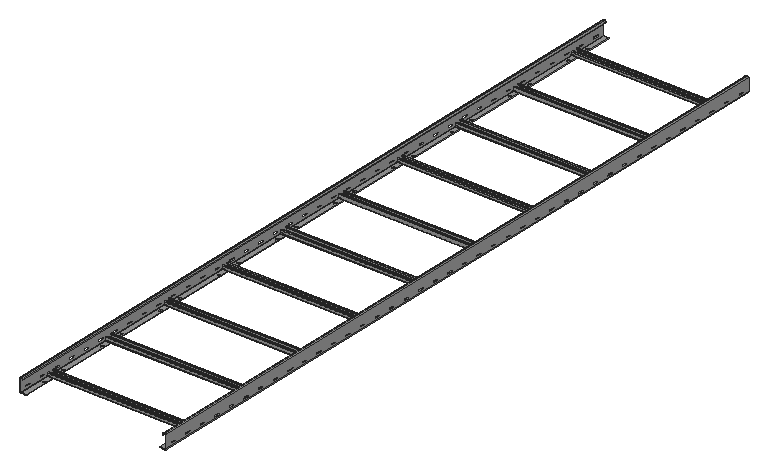
Revit family "LG 60 VS3", category Generic Models, Revit 2017 (continued)
Forms (mm)
  Extrusion 83, void
    sketch origin (0, 0, 0) x (1, 0, 0) y (0, 1, 0)
      loop
        circle (-282, 99.96) r 4.5
      loop
        circle (-282, 199.96) r 4.5
    from 0 to 1.5
  Extrusion 84, void
    sketch origin (0, 300, 0) x (1, 0, 0) y (0, 1, 0)
      loop
        circle (-282, 99.96) r 4.5
      loop
        circle (-282, 199.96) r 4.5
    from 0 to 1.5
  Extrusion 85, void
    sketch origin (0, 600, 0) x (1, 0, 0) y (0, 1, 0)
      loop
        circle (-282, 99.96) r 4.5
      loop
        circle (-282, 199.96) r 4.5
    from 0 to 1.5
  Extrusion 86, void
    sketch origin (0, 900, 0) x (1, 0, 0) y (0, 1, 0)
      loop
        circle (-282, 99.96) r 4.5
      loop
        circle (-282, 199.96) r 4.5
    from 0 to 1.5
  Extrusion 87, void
    sketch origin (0, 1200, 0) x (1, 0, 0) y (0, 1, 0)
      loop
        circle (-282, 99.96) r 4.5
      loop
        circle (-282, 199.96) r 4.5
    from 0 to 1.5
  Extrusion 88, void
    sketch origin (0, 1500, 0) x (1, 0, 0) y (0, 1, 0)
      loop
        circle (-282, 99.96) r 4.5
      loop
        circle (-282, 199.96) r 4.5
    from 0 to 1.5
  Extrusion 89, void
    sketch origin (0, 1800, 0) x (1, 0, 0) y (0, 1, 0)
      loop
        circle (-282, 99.96) r 4.5
      loop
        circle (-282, 199.96) r 4.5
    from 0 to 1.5
  Extrusion 90, void
    sketch origin (0, 2100, 0) x (1, 0, 0) y (0, 1, 0)
      loop
        circle (-282, 99.96) r 4.5
      loop
        circle (-282, 199.96) r 4.5
    from 0 to 1.5
  Extrusion 91, void
    sketch origin (0, 2400, 0) x (1, 0, 0) y (0, 1, 0)
      loop
        circle (-282, 99.96) r 4.5
      loop
        circle (-282, 199.96) r 4.5
    from 0 to 1.5
  Extrusion 92, void
    sketch origin (0, 2700, 0) x (1, 0, 0) y (0, 1, 0)
      loop
        circle (-282, 99.96) r 4.5
      loop
        circle (-282, 199.96) r 4.5
    from 0 to 1.5
  Extrusion 93, void
    sketch origin (0, 0, 0) x (1, 0, 0) y (0, 1, 0)
      loop
        circle (282, 99.96) r 4.5
      loop
        circle (282, 199.96) r 4.5
    from 0 to 1.5
  Extrusion 94, void
    sketch origin (0, 300, 0) x (1, 0, 0) y (0, 1, 0)
      loop
        circle (282, 99.96) r 4.5
      loop
        circle (282, 199.96) r 4.5
    from 0 to 1.5
  Extrusion 95, void
    sketch origin (0, 600, 0) x (1, 0, 0) y (0, 1, 0)
      loop
        circle (282, 99.96) r 4.5
      loop
        circle (282, 199.96) r 4.5
    from 0 to 1.5
  Extrusion 96, void
    sketch origin (0, 900, 0) x (1, 0, 0) y (0, 1, 0)
      loop
        circle (282, 99.96) r 4.5
      loop
        circle (282, 199.96) r 4.5
    from 0 to 1.5
  Extrusion 97, void
    sketch origin (0, 1200, 0) x (1, 0, 0) y (0, 1, 0)
      loop
        circle (282, 99.96) r 4.5
      loop
        circle (282, 199.96) r 4.5
    from 0 to 1.5
  Extrusion 98, void
    sketch origin (0, 1500, 0) x (1, 0, 0) y (0, 1, 0)
      loop
        circle (282, 99.96) r 4.5
      loop
        circle (282, 199.96) r 4.5
    from 0 to 1.5
  Extrusion 99, void
    sketch origin (0, 1800, 0) x (1, 0, 0) y (0, 1, 0)
      loop
        circle (282, 99.96) r 4.5
      loop
        circle (282, 199.96) r 4.5
    from 0 to 1.5
  Extrusion 100, void
    sketch origin (0, 2100, 0) x (1, 0, 0) y (0, 1, 0)
      loop
        circle (282, 99.96) r 4.5
      loop
        circle (282, 199.96) r 4.5
    from 0 to 1.5
  Extrusion 101, void
    sketch origin (0, 2400, 0) x (1, 0, 0) y (0, 1, 0)
      loop
        circle (282, 99.96) r 4.5
      loop
        circle (282, 199.96) r 4.5
    from 0 to 1.5
  Extrusion 102, void
    sketch origin (0, 2700, 0) x (1, 0, 0) y (0, 1, 0)
      loop
        circle (282, 99.96) r 4.5
      loop
        circle (282, 199.96) r 4.5
    from 0 to 1.5
  Extrusion 103, void
    sketch origin (0, 0, 0) x (1, 0, 0) y (0, 1, 0)
      loop
        arc (-6.5, 153.46) -> (-10, 149.96) -> (-6.5, 146.46) r 3.5
        line (-6.5, 146.46) -> (6.5, 146.46)
        arc (6.5, 146.46) -> (10, 149.96) -> (6.5, 153.46) r 3.5
        line (6.5, 153.46) -> (-6.5, 153.46)
      loop
        arc (43.5, 153.46) -> (40, 149.96) -> (43.5, 146.46) r 3.5
        line (43.5, 146.46) -> (56.5, 146.46)
        arc (56.5, 146.46) -> (60, 149.96) -> (56.5, 153.46) r 3.5
        line (56.5, 153.46) -> (43.5, 153.46)
      loop
        arc (93.5, 153.46) -> (90, 149.96) -> (93.5, 146.46) r 3.5
        line (93.5, 146.46) -> (106.5, 146.46)
        arc (106.5, 146.46) -> (110, 149.96) -> (106.5, 153.46) r 3.5
        line (106.5, 153.46) -> (93.5, 153.46)
      loop
        arc (143.496, 153.46) -> (139.996, 149.96) -> (143.496, 146.46) r 3.5
        line (143.496, 146.46) -> (156.496, 146.46)
        arc (156.496, 146.46) -> (159.996, 149.96) -> (156.496, 153.46) r 3.5
        line (156.496, 153.46) -> (143.496, 153.46)
      loop
        arc (193.5, 153.46) -> (190, 149.96) -> (193.5, 146.46) r 3.5
        line (193.5, 146.46) -> (206.5, 146.46)
        arc (206.5, 146.46) -> (210, 149.96) -> (206.5, 153.46) r 3.5
        line (206.5, 153.46) -> (193.5, 153.46)
      loop
        arc (243.5, 153.46) -> (240, 149.96) -> (243.5, 146.46) r 3.5
        line (243.5, 146.46) -> (256.5, 146.46)
        arc (256.5, 146.46) -> (260, 149.96) -> (256.5, 153.46) r 3.5
        line (256.5, 153.46) -> (243.5, 153.46)
      loop
        arc (-56.5, 153.46) -> (-60, 149.96) -> (-56.5, 146.46) r 3.5
        line (-56.5, 146.46) -> (-43.5, 146.46)
        arc (-43.5, 146.46) -> (-40, 149.96) -> (-43.5, 153.46) r 3.5
        line (-43.5, 153.46) -> (-56.5, 153.46)
      loop
        arc (-106.5, 153.46) -> (-110, 149.96) -> (-106.5, 146.46) r 3.5
        line (-106.5, 146.46) -> (-93.5, 146.46)
        arc (-93.5, 146.46) -> (-90, 149.96) -> (-93.5, 153.46) r 3.5
        line (-93.5, 153.46) -> (-106.5, 153.46)
      loop
        arc (-156.5, 153.46) -> (-160, 149.96) -> (-156.5, 146.46) r 3.5
        line (-156.5, 146.46) -> (-143.5, 146.46)
        arc (-143.5, 146.46) -> (-140, 149.96) -> (-143.5, 153.46) r 3.5
        line (-143.5, 153.46) -> (-156.5, 153.46)
      loop
        arc (-206.5, 153.46) -> (-210, 149.96) -> (-206.5, 146.46) r 3.5
        line (-206.5, 146.46) -> (-193.5, 146.46)
        arc (-193.5, 146.46) -> (-190, 149.96) -> (-193.5, 153.46) r 3.5
        line (-193.5, 153.46) -> (-206.5, 153.46)
      loop
        arc (-255.922, 153.46) -> (-259.422, 149.96) -> (-255.922, 146.46) r 3.5
        line (-255.922, 146.46) -> (-242.922, 146.46)
        arc (-242.922, 146.46) -> (-239.422, 149.96) -> (-242.922, 153.46) r 3.5
        line (-242.922, 153.46) -> (-255.922, 153.46)
    from 0 to 3.041
  Extrusion 104, solid, material "Strip-galvanised" <- "Material", not visible
    sketch origin (0, 0, 0) x (0, 1, 0) y (0, 0, 1)
      loop
        line (134.969, 15) -> (134.969, 3)
        arc (134.969, 3) -> (135.408, 1.939) -> (136.469, 1.5) r 1.5
        line (136.469, 1.5) -> (163.469, 1.5)
        arc (163.469, 1.5) -> (164.53, 1.939) -> (164.969, 3) r 1.5
        line (164.969, 3) -> (164.969, 15.065)
        arc (164.969, 15.065) -> (164.53, 16.126) -> (163.469, 16.565) r 1.5
        line (163.469, 16.565) -> (158.46, 16.565) -> (158.46, 15.065) -> (161.969, 15.065)
        arc (161.969, 15.065) -> (163.03, 14.626) -> (163.469, 13.565) r 1.5
        line (163.469, 13.565) -> (163.469, 4.5)
        arc (163.469, 4.5) -> (163.03, 3.439) -> (161.969, 3) r 1.5
        line (161.969, 3) -> (137.969, 3)
        arc (137.969, 3) -> (136.908, 3.439) -> (136.469, 4.5) r 1.5
        line (136.469, 4.5) -> (136.469, 13.5)
        arc (136.469, 13.5) -> (136.908, 14.561) -> (137.969, 15) r 1.5
        line (137.969, 15) -> (141.46, 15) -> (141.46, 16.5) -> (136.469, 16.5)
        arc (136.469, 16.5) -> (135.408, 16.061) -> (134.969, 15) r 1.5
    from -298.5 to 298.5
  Extrusion 105, solid, material "Strip-galvanised" <- "Material"
    sketch origin (0, 300, 0) x (0, 1, 0) y (0, 0, 1)
      loop
        line (134.969, 15) -> (134.969, 3)
        arc (134.969, 3) -> (135.408, 1.939) -> (136.469, 1.5) r 1.5
        line (136.469, 1.5) -> (163.469, 1.5)
        arc (163.469, 1.5) -> (164.53, 1.939) -> (164.969, 3) r 1.5
        line (164.969, 3) -> (164.969, 15.065)
        arc (164.969, 15.065) -> (164.53, 16.126) -> (163.469, 16.565) r 1.5
        line (163.469, 16.565) -> (158.46, 16.565) -> (158.46, 15.065) -> (161.969, 15.065)
        arc (161.969, 15.065) -> (163.03, 14.626) -> (163.469, 13.565) r 1.5
        line (163.469, 13.565) -> (163.469, 4.5)
        arc (163.469, 4.5) -> (163.03, 3.439) -> (161.969, 3) r 1.5
        line (161.969, 3) -> (137.969, 3)
        arc (137.969, 3) -> (136.908, 3.439) -> (136.469, 4.5) r 1.5
        line (136.469, 4.5) -> (136.469, 13.5)
        arc (136.469, 13.5) -> (136.908, 14.561) -> (137.969, 15) r 1.5
        line (137.969, 15) -> (141.46, 15) -> (141.46, 16.5) -> (136.469, 16.5)
        arc (136.469, 16.5) -> (135.408, 16.061) -> (134.969, 15) r 1.5
    from -298.5 to 298.5
  Extrusion 106, void
    sketch origin (0, 300, 0) x (1, 0, 0) y (0, 1, 0)
      loop
        arc (-6.5, 153.46) -> (-10, 149.96) -> (-6.5, 146.46) r 3.5
        line (-6.5, 146.46) -> (6.5, 146.46)
        arc (6.5, 146.46) -> (10, 149.96) -> (6.5, 153.46) r 3.5
        line (6.5, 153.46) -> (-6.5, 153.46)
      loop
        arc (43.5, 153.46) -> (40, 149.96) -> (43.5, 146.46) r 3.5
        line (43.5, 146.46) -> (56.5, 146.46)
        arc (56.5, 146.46) -> (60, 149.96) -> (56.5, 153.46) r 3.5
        line (56.5, 153.46) -> (43.5, 153.46)
      loop
        arc (93.5, 153.46) -> (90, 149.96) -> (93.5, 146.46) r 3.5
        line (93.5, 146.46) -> (106.5, 146.46)
        arc (106.5, 146.46) -> (110, 149.96) -> (106.5, 153.46) r 3.5
        line (106.5, 153.46) -> (93.5, 153.46)
      loop
        arc (143.496, 153.46) -> (139.996, 149.96) -> (143.496, 146.46) r 3.5
        line (143.496, 146.46) -> (156.496, 146.46)
        arc (156.496, 146.46) -> (159.996, 149.96) -> (156.496, 153.46) r 3.5
        line (156.496, 153.46) -> (143.496, 153.46)
      loop
        arc (193.5, 153.46) -> (190, 149.96) -> (193.5, 146.46) r 3.5
        line (193.5, 146.46) -> (206.5, 146.46)
        arc (206.5, 146.46) -> (210, 149.96) -> (206.5, 153.46) r 3.5
        line (206.5, 153.46) -> (193.5, 153.46)
      loop
        arc (243.5, 153.46) -> (240, 149.96) -> (243.5, 146.46) r 3.5
        line (243.5, 146.46) -> (256.5, 146.46)
        arc (256.5, 146.46) -> (260, 149.96) -> (256.5, 153.46) r 3.5
        line (256.5, 153.46) -> (243.5, 153.46)
      loop
        arc (-56.5, 153.46) -> (-60, 149.96) -> (-56.5, 146.46) r 3.5
        line (-56.5, 146.46) -> (-43.5, 146.46)
        arc (-43.5, 146.46) -> (-40, 149.96) -> (-43.5, 153.46) r 3.5
        line (-43.5, 153.46) -> (-56.5, 153.46)
      loop
        arc (-106.5, 153.46) -> (-110, 149.96) -> (-106.5, 146.46) r 3.5
        line (-106.5, 146.46) -> (-93.5, 146.46)
        arc (-93.5, 146.46) -> (-90, 149.96) -> (-93.5, 153.46) r 3.5
        line (-93.5, 153.46) -> (-106.5, 153.46)
      loop
        arc (-156.5, 153.46) -> (-160, 149.96) -> (-156.5, 146.46) r 3.5
        line (-156.5, 146.46) -> (-143.5, 146.46)
        arc (-143.5, 146.46) -> (-140, 149.96) -> (-143.5, 153.46) r 3.5
        line (-143.5, 153.46) -> (-156.5, 153.46)
      loop
        arc (-206.5, 153.46) -> (-210, 149.96) -> (-206.5, 146.46) r 3.5
        line (-206.5, 146.46) -> (-193.5, 146.46)
        arc (-193.5, 146.46) -> (-190, 149.96) -> (-193.5, 153.46) r 3.5
        line (-193.5, 153.46) -> (-206.5, 153.46)
      loop
        arc (-255.922, 153.46) -> (-259.422, 149.96) -> (-255.922, 146.46) r 3.5
        line (-255.922, 146.46) -> (-242.922, 146.46)
        arc (-242.922, 146.46) -> (-239.422, 149.96) -> (-242.922, 153.46) r 3.5
        line (-242.922, 153.46) -> (-255.922, 153.46)
    from 0 to 3.041
  Extrusion 107, solid, material "Strip-galvanised" <- "Material"
    sketch origin (0, 600, 0) x (0, 1, 0) y (0, 0, 1)
      loop
        line (134.969, 15) -> (134.969, 3)
        arc (134.969, 3) -> (135.408, 1.939) -> (136.469, 1.5) r 1.5
        line (136.469, 1.5) -> (163.469, 1.5)
        arc (163.469, 1.5) -> (164.53, 1.939) -> (164.969, 3) r 1.5
        line (164.969, 3) -> (164.969, 15.065)
        arc (164.969, 15.065) -> (164.53, 16.126) -> (163.469, 16.565) r 1.5
        line (163.469, 16.565) -> (158.46, 16.565) -> (158.46, 15.065) -> (161.969, 15.065)
        arc (161.969, 15.065) -> (163.03, 14.626) -> (163.469, 13.565) r 1.5
        line (163.469, 13.565) -> (163.469, 4.5)
        arc (163.469, 4.5) -> (163.03, 3.439) -> (161.969, 3) r 1.5
        line (161.969, 3) -> (137.969, 3)
        arc (137.969, 3) -> (136.908, 3.439) -> (136.469, 4.5) r 1.5
        line (136.469, 4.5) -> (136.469, 13.5)
        arc (136.469, 13.5) -> (136.908, 14.561) -> (137.969, 15) r 1.5
        line (137.969, 15) -> (141.46, 15) -> (141.46, 16.5) -> (136.469, 16.5)
        arc (136.469, 16.5) -> (135.408, 16.061) -> (134.969, 15) r 1.5
    from -298.5 to 298.5
  Extrusion 108, void
    sketch origin (0, 600, 0) x (1, 0, 0) y (0, 1, 0)
      loop
        arc (-6.5, 153.46) -> (-10, 149.96) -> (-6.5, 146.46) r 3.5
        line (-6.5, 146.46) -> (6.5, 146.46)
        arc (6.5, 146.46) -> (10, 149.96) -> (6.5, 153.46) r 3.5
        line (6.5, 153.46) -> (-6.5, 153.46)
      loop
        arc (43.5, 153.46) -> (40, 149.96) -> (43.5, 146.46) r 3.5
        line (43.5, 146.46) -> (56.5, 146.46)
        arc (56.5, 146.46) -> (60, 149.96) -> (56.5, 153.46) r 3.5
        line (56.5, 153.46) -> (43.5, 153.46)
      loop
        arc (93.5, 153.46) -> (90, 149.96) -> (93.5, 146.46) r 3.5
        line (93.5, 146.46) -> (106.5, 146.46)
        arc (106.5, 146.46) -> (110, 149.96) -> (106.5, 153.46) r 3.5
        line (106.5, 153.46) -> (93.5, 153.46)
      loop
        arc (143.496, 153.46) -> (139.996, 149.96) -> (143.496, 146.46) r 3.5
        line (143.496, 146.46) -> (156.496, 146.46)
        arc (156.496, 146.46) -> (159.996, 149.96) -> (156.496, 153.46) r 3.5
        line (156.496, 153.46) -> (143.496, 153.46)
      loop
        arc (193.5, 153.46) -> (190, 149.96) -> (193.5, 146.46) r 3.5
        line (193.5, 146.46) -> (206.5, 146.46)
        arc (206.5, 146.46) -> (210, 149.96) -> (206.5, 153.46) r 3.5
        line (206.5, 153.46) -> (193.5, 153.46)
      loop
        arc (243.5, 153.46) -> (240, 149.96) -> (243.5, 146.46) r 3.5
        line (243.5, 146.46) -> (256.5, 146.46)
        arc (256.5, 146.46) -> (260, 149.96) -> (256.5, 153.46) r 3.5
        line (256.5, 153.46) -> (243.5, 153.46)
      loop
        arc (-56.5, 153.46) -> (-60, 149.96) -> (-56.5, 146.46) r 3.5
        line (-56.5, 146.46) -> (-43.5, 146.46)
        arc (-43.5, 146.46) -> (-40, 149.96) -> (-43.5, 153.46) r 3.5
        line (-43.5, 153.46) -> (-56.5, 153.46)
      loop
        arc (-106.5, 153.46) -> (-110, 149.96) -> (-106.5, 146.46) r 3.5
        line (-106.5, 146.46) -> (-93.5, 146.46)
        arc (-93.5, 146.46) -> (-90, 149.96) -> (-93.5, 153.46) r 3.5
        line (-93.5, 153.46) -> (-106.5, 153.46)
      loop
        arc (-156.5, 153.46) -> (-160, 149.96) -> (-156.5, 146.46) r 3.5
        line (-156.5, 146.46) -> (-143.5, 146.46)
        arc (-143.5, 146.46) -> (-140, 149.96) -> (-143.5, 153.46) r 3.5
        line (-143.5, 153.46) -> (-156.5, 153.46)
      loop
        arc (-206.5, 153.46) -> (-210, 149.96) -> (-206.5, 146.46) r 3.5
        line (-206.5, 146.46) -> (-193.5, 146.46)
        arc (-193.5, 146.46) -> (-190, 149.96) -> (-193.5, 153.46) r 3.5
        line (-193.5, 153.46) -> (-206.5, 153.46)
      loop
        arc (-255.922, 153.46) -> (-259.422, 149.96) -> (-255.922, 146.46) r 3.5
        line (-255.922, 146.46) -> (-242.922, 146.46)
        arc (-242.922, 146.46) -> (-239.422, 149.96) -> (-242.922, 153.46) r 3.5
        line (-242.922, 153.46) -> (-255.922, 153.46)
    from 0 to 3.041
  Extrusion 109, solid, material "Strip-galvanised" <- "Material"
    sketch origin (0, 900, 0) x (0, 1, 0) y (0, 0, 1)
      loop
        line (134.969, 15) -> (134.969, 3)
        arc (134.969, 3) -> (135.408, 1.939) -> (136.469, 1.5) r 1.5
        line (136.469, 1.5) -> (163.469, 1.5)
        arc (163.469, 1.5) -> (164.53, 1.939) -> (164.969, 3) r 1.5
        line (164.969, 3) -> (164.969, 15.065)
        arc (164.969, 15.065) -> (164.53, 16.126) -> (163.469, 16.565) r 1.5
        line (163.469, 16.565) -> (158.46, 16.565) -> (158.46, 15.065) -> (161.969, 15.065)
        arc (161.969, 15.065) -> (163.03, 14.626) -> (163.469, 13.565) r 1.5
        line (163.469, 13.565) -> (163.469, 4.5)
        arc (163.469, 4.5) -> (163.03, 3.439) -> (161.969, 3) r 1.5
        line (161.969, 3) -> (137.969, 3)
        arc (137.969, 3) -> (136.908, 3.439) -> (136.469, 4.5) r 1.5
        line (136.469, 4.5) -> (136.469, 13.5)
        arc (136.469, 13.5) -> (136.908, 14.561) -> (137.969, 15) r 1.5
        line (137.969, 15) -> (141.46, 15) -> (141.46, 16.5) -> (136.469, 16.5)
        arc (136.469, 16.5) -> (135.408, 16.061) -> (134.969, 15) r 1.5
    from -298.5 to 298.5
  Extrusion 110, void
    sketch origin (0, 900, 0) x (1, 0, 0) y (0, 1, 0)
      loop
        arc (-6.5, 153.46) -> (-10, 149.96) -> (-6.5, 146.46) r 3.5
        line (-6.5, 146.46) -> (6.5, 146.46)
        arc (6.5, 146.46) -> (10, 149.96) -> (6.5, 153.46) r 3.5
        line (6.5, 153.46) -> (-6.5, 153.46)
      loop
        arc (43.5, 153.46) -> (40, 149.96) -> (43.5, 146.46) r 3.5
        line (43.5, 146.46) -> (56.5, 146.46)
        arc (56.5, 146.46) -> (60, 149.96) -> (56.5, 153.46) r 3.5
        line (56.5, 153.46) -> (43.5, 153.46)
      loop
        arc (93.5, 153.46) -> (90, 149.96) -> (93.5, 146.46) r 3.5
        line (93.5, 146.46) -> (106.5, 146.46)
        arc (106.5, 146.46) -> (110, 149.96) -> (106.5, 153.46) r 3.5
        line (106.5, 153.46) -> (93.5, 153.46)
      loop
        arc (143.496, 153.46) -> (139.996, 149.96) -> (143.496, 146.46) r 3.5
        line (143.496, 146.46) -> (156.496, 146.46)
        arc (156.496, 146.46) -> (159.996, 149.96) -> (156.496, 153.46) r 3.5
        line (156.496, 153.46) -> (143.496, 153.46)
      loop
        arc (193.5, 153.46) -> (190, 149.96) -> (193.5, 146.46) r 3.5
        line (193.5, 146.46) -> (206.5, 146.46)
        arc (206.5, 146.46) -> (210, 149.96) -> (206.5, 153.46) r 3.5
        line (206.5, 153.46) -> (193.5, 153.46)
      loop
        arc (243.5, 153.46) -> (240, 149.96) -> (243.5, 146.46) r 3.5
        line (243.5, 146.46) -> (256.5, 146.46)
        arc (256.5, 146.46) -> (260, 149.96) -> (256.5, 153.46) r 3.5
        line (256.5, 153.46) -> (243.5, 153.46)
      loop
        arc (-56.5, 153.46) -> (-60, 149.96) -> (-56.5, 146.46) r 3.5
        line (-56.5, 146.46) -> (-43.5, 146.46)
        arc (-43.5, 146.46) -> (-40, 149.96) -> (-43.5, 153.46) r 3.5
        line (-43.5, 153.46) -> (-56.5, 153.46)
      loop
        arc (-106.5, 153.46) -> (-110, 149.96) -> (-106.5, 146.46) r 3.5
        line (-106.5, 146.46) -> (-93.5, 146.46)
        arc (-93.5, 146.46) -> (-90, 149.96) -> (-93.5, 153.46) r 3.5
        line (-93.5, 153.46) -> (-106.5, 153.46)
      loop
        arc (-156.5, 153.46) -> (-160, 149.96) -> (-156.5, 146.46) r 3.5
        line (-156.5, 146.46) -> (-143.5, 146.46)
        arc (-143.5, 146.46) -> (-140, 149.96) -> (-143.5, 153.46) r 3.5
        line (-143.5, 153.46) -> (-156.5, 153.46)
      loop
        arc (-206.5, 153.46) -> (-210, 149.96) -> (-206.5, 146.46) r 3.5
        line (-206.5, 146.46) -> (-193.5, 146.46)
        arc (-193.5, 146.46) -> (-190, 149.96) -> (-193.5, 153.46) r 3.5
        line (-193.5, 153.46) -> (-206.5, 153.46)
      loop
        arc (-255.922, 153.46) -> (-259.422, 149.96) -> (-255.922, 146.46) r 3.5
        line (-255.922, 146.46) -> (-242.922, 146.46)
        arc (-242.922, 146.46) -> (-239.422, 149.96) -> (-242.922, 153.46) r 3.5
        line (-242.922, 153.46) -> (-255.922, 153.46)
    from 0 to 3.041
  Extrusion 111, solid, material "Strip-galvanised" <- "Material"
    sketch origin (0, 1200, 0) x (0, 1, 0) y (0, 0, 1)
      loop
        line (134.969, 15) -> (134.969, 3)
        arc (134.969, 3) -> (135.408, 1.939) -> (136.469, 1.5) r 1.5
        line (136.469, 1.5) -> (163.469, 1.5)
        arc (163.469, 1.5) -> (164.53, 1.939) -> (164.969, 3) r 1.5
        line (164.969, 3) -> (164.969, 15.065)
        arc (164.969, 15.065) -> (164.53, 16.126) -> (163.469, 16.565) r 1.5
        line (163.469, 16.565) -> (158.46, 16.565) -> (158.46, 15.065) -> (161.969, 15.065)
        arc (161.969, 15.065) -> (163.03, 14.626) -> (163.469, 13.565) r 1.5
        line (163.469, 13.565) -> (163.469, 4.5)
        arc (163.469, 4.5) -> (163.03, 3.439) -> (161.969, 3) r 1.5
        line (161.969, 3) -> (137.969, 3)
        arc (137.969, 3) -> (136.908, 3.439) -> (136.469, 4.5) r 1.5
        line (136.469, 4.5) -> (136.469, 13.5)
        arc (136.469, 13.5) -> (136.908, 14.561) -> (137.969, 15) r 1.5
        line (137.969, 15) -> (141.46, 15) -> (141.46, 16.5) -> (136.469, 16.5)
        arc (136.469, 16.5) -> (135.408, 16.061) -> (134.969, 15) r 1.5
    from -298.5 to 298.5
  Extrusion 112, void
    sketch origin (0, 1200, 0) x (1, 0, 0) y (0, 1, 0)
      loop
        arc (-6.5, 153.46) -> (-10, 149.96) -> (-6.5, 146.46) r 3.5
        line (-6.5, 146.46) -> (6.5, 146.46)
        arc (6.5, 146.46) -> (10, 149.96) -> (6.5, 153.46) r 3.5
        line (6.5, 153.46) -> (-6.5, 153.46)
      loop
        arc (43.5, 153.46) -> (40, 149.96) -> (43.5, 146.46) r 3.5
        line (43.5, 146.46) -> (56.5, 146.46)
        arc (56.5, 146.46) -> (60, 149.96) -> (56.5, 153.46) r 3.5
        line (56.5, 153.46) -> (43.5, 153.46)
      loop
        arc (93.5, 153.46) -> (90, 149.96) -> (93.5, 146.46) r 3.5
        line (93.5, 146.46) -> (106.5, 146.46)
        arc (106.5, 146.46) -> (110, 149.96) -> (106.5, 153.46) r 3.5
        line (106.5, 153.46) -> (93.5, 153.46)
      loop
        arc (143.496, 153.46) -> (139.996, 149.96) -> (143.496, 146.46) r 3.5
        line (143.496, 146.46) -> (156.496, 146.46)
        arc (156.496, 146.46) -> (159.996, 149.96) -> (156.496, 153.46) r 3.5
        line (156.496, 153.46) -> (143.496, 153.46)
      loop
        arc (193.5, 153.46) -> (190, 149.96) -> (193.5, 146.46) r 3.5
        line (193.5, 146.46) -> (206.5, 146.46)
        arc (206.5, 146.46) -> (210, 149.96) -> (206.5, 153.46) r 3.5
        line (206.5, 153.46) -> (193.5, 153.46)
      loop
        arc (243.5, 153.46) -> (240, 149.96) -> (243.5, 146.46) r 3.5
        line (243.5, 146.46) -> (256.5, 146.46)
        arc (256.5, 146.46) -> (260, 149.96) -> (256.5, 153.46) r 3.5
        line (256.5, 153.46) -> (243.5, 153.46)
      loop
        arc (-56.5, 153.46) -> (-60, 149.96) -> (-56.5, 146.46) r 3.5
        line (-56.5, 146.46) -> (-43.5, 146.46)
        arc (-43.5, 146.46) -> (-40, 149.96) -> (-43.5, 153.46) r 3.5
        line (-43.5, 153.46) -> (-56.5, 153.46)
      loop
        arc (-106.5, 153.46) -> (-110, 149.96) -> (-106.5, 146.46) r 3.5
        line (-106.5, 146.46) -> (-93.5, 146.46)
        arc (-93.5, 146.46) -> (-90, 149.96) -> (-93.5, 153.46) r 3.5
        line (-93.5, 153.46) -> (-106.5, 153.46)
      loop
        arc (-156.5, 153.46) -> (-160, 149.96) -> (-156.5, 146.46) r 3.5
        line (-156.5, 146.46) -> (-143.5, 146.46)
        arc (-143.5, 146.46) -> (-140, 149.96) -> (-143.5, 153.46) r 3.5
        line (-143.5, 153.46) -> (-156.5, 153.46)
      loop
        arc (-206.5, 153.46) -> (-210, 149.96) -> (-206.5, 146.46) r 3.5
        line (-206.5, 146.46) -> (-193.5, 146.46)
        arc (-193.5, 146.46) -> (-190, 149.96) -> (-193.5, 153.46) r 3.5
        line (-193.5, 153.46) -> (-206.5, 153.46)
      loop
        arc (-255.922, 153.46) -> (-259.422, 149.96) -> (-255.922, 146.46) r 3.5
        line (-255.922, 146.46) -> (-242.922, 146.46)
        arc (-242.922, 146.46) -> (-239.422, 149.96) -> (-242.922, 153.46) r 3.5
        line (-242.922, 153.46) -> (-255.922, 153.46)
    from 0 to 3.041
  Extrusion 113, solid, material "Strip-galvanised" <- "Material"
    sketch origin (0, 1500, 0) x (0, 1, 0) y (0, 0, 1)
      loop
        line (134.969, 15) -> (134.969, 3)
        arc (134.969, 3) -> (135.408, 1.939) -> (136.469, 1.5) r 1.5
        line (136.469, 1.5) -> (163.469, 1.5)
        arc (163.469, 1.5) -> (164.53, 1.939) -> (164.969, 3) r 1.5
        line (164.969, 3) -> (164.969, 15.065)
        arc (164.969, 15.065) -> (164.53, 16.126) -> (163.469, 16.565) r 1.5
        line (163.469, 16.565) -> (158.46, 16.565) -> (158.46, 15.065) -> (161.969, 15.065)
        arc (161.969, 15.065) -> (163.03, 14.626) -> (163.469, 13.565) r 1.5
        line (163.469, 13.565) -> (163.469, 4.5)
        arc (163.469, 4.5) -> (163.03, 3.439) -> (161.969, 3) r 1.5
        line (161.969, 3) -> (137.969, 3)
        arc (137.969, 3) -> (136.908, 3.439) -> (136.469, 4.5) r 1.5
        line (136.469, 4.5) -> (136.469, 13.5)
        arc (136.469, 13.5) -> (136.908, 14.561) -> (137.969, 15) r 1.5
        line (137.969, 15) -> (141.46, 15) -> (141.46, 16.5) -> (136.469, 16.5)
        arc (136.469, 16.5) -> (135.408, 16.061) -> (134.969, 15) r 1.5
    from -298.5 to 298.5
  Extrusion 114, void
    sketch origin (0, 1500, 0) x (1, 0, 0) y (0, 1, 0)
      loop
        arc (-6.5, 153.46) -> (-10, 149.96) -> (-6.5, 146.46) r 3.5
        line (-6.5, 146.46) -> (6.5, 146.46)
        arc (6.5, 146.46) -> (10, 149.96) -> (6.5, 153.46) r 3.5
        line (6.5, 153.46) -> (-6.5, 153.46)
      loop
        arc (43.5, 153.46) -> (40, 149.96) -> (43.5, 146.46) r 3.5
        line (43.5, 146.46) -> (56.5, 146.46)
        arc (56.5, 146.46) -> (60, 149.96) -> (56.5, 153.46) r 3.5
        line (56.5, 153.46) -> (43.5, 153.46)
      loop
        arc (93.5, 153.46) -> (90, 149.96) -> (93.5, 146.46) r 3.5
        line (93.5, 146.46) -> (106.5, 146.46)
        arc (106.5, 146.46) -> (110, 149.96) -> (106.5, 153.46) r 3.5
        line (106.5, 153.46) -> (93.5, 153.46)
      loop
        arc (143.496, 153.46) -> (139.996, 149.96) -> (143.496, 146.46) r 3.5
        line (143.496, 146.46) -> (156.496, 146.46)
        arc (156.496, 146.46) -> (159.996, 149.96) -> (156.496, 153.46) r 3.5
        line (156.496, 153.46) -> (143.496, 153.46)
      loop
        arc (193.5, 153.46) -> (190, 149.96) -> (193.5, 146.46) r 3.5
        line (193.5, 146.46) -> (206.5, 146.46)
        arc (206.5, 146.46) -> (210, 149.96) -> (206.5, 153.46) r 3.5
        line (206.5, 153.46) -> (193.5, 153.46)
      loop
        arc (243.5, 153.46) -> (240, 149.96) -> (243.5, 146.46) r 3.5
        line (243.5, 146.46) -> (256.5, 146.46)
        arc (256.5, 146.46) -> (260, 149.96) -> (256.5, 153.46) r 3.5
        line (256.5, 153.46) -> (243.5, 153.46)
      loop
        arc (-56.5, 153.46) -> (-60, 149.96) -> (-56.5, 146.46) r 3.5
        line (-56.5, 146.46) -> (-43.5, 146.46)
        arc (-43.5, 146.46) -> (-40, 149.96) -> (-43.5, 153.46) r 3.5
        line (-43.5, 153.46) -> (-56.5, 153.46)
      loop
        arc (-106.5, 153.46) -> (-110, 149.96) -> (-106.5, 146.46) r 3.5
        line (-106.5, 146.46) -> (-93.5, 146.46)
        arc (-93.5, 146.46) -> (-90, 149.96) -> (-93.5, 153.46) r 3.5
        line (-93.5, 153.46) -> (-106.5, 153.46)
      loop
        arc (-156.5, 153.46) -> (-160, 149.96) -> (-156.5, 146.46) r 3.5
        line (-156.5, 146.46) -> (-143.5, 146.46)
        arc (-143.5, 146.46) -> (-140, 149.96) -> (-143.5, 153.46) r 3.5
        line (-143.5, 153.46) -> (-156.5, 153.46)
      loop
        arc (-206.5, 153.46) -> (-210, 149.96) -> (-206.5, 146.46) r 3.5
        line (-206.5, 146.46) -> (-193.5, 146.46)
        arc (-193.5, 146.46) -> (-190, 149.96) -> (-193.5, 153.46) r 3.5
        line (-193.5, 153.46) -> (-206.5, 153.46)
      loop
        arc (-255.922, 153.46) -> (-259.422, 149.96) -> (-255.922, 146.46) r 3.5
        line (-255.922, 146.46) -> (-242.922, 146.46)
        arc (-242.922, 146.46) -> (-239.422, 149.96) -> (-242.922, 153.46) r 3.5
        line (-242.922, 153.46) -> (-255.922, 153.46)
    from 0 to 3.041
  Extrusion 115, solid, material "Strip-galvanised" <- "Material"
    sketch origin (0, 1800, 0) x (0, 1, 0) y (0, 0, 1)
      loop
        line (134.969, 15) -> (134.969, 3)
        arc (134.969, 3) -> (135.408, 1.939) -> (136.469, 1.5) r 1.5
        line (136.469, 1.5) -> (163.469, 1.5)
        arc (163.469, 1.5) -> (164.53, 1.939) -> (164.969, 3) r 1.5
        line (164.969, 3) -> (164.969, 15.065)
        arc (164.969, 15.065) -> (164.53, 16.126) -> (163.469, 16.565) r 1.5
        line (163.469, 16.565) -> (158.46, 16.565) -> (158.46, 15.065) -> (161.969, 15.065)
        arc (161.969, 15.065) -> (163.03, 14.626) -> (163.469, 13.565) r 1.5
        line (163.469, 13.565) -> (163.469, 4.5)
        arc (163.469, 4.5) -> (163.03, 3.439) -> (161.969, 3) r 1.5
        line (161.969, 3) -> (137.969, 3)
        arc (137.969, 3) -> (136.908, 3.439) -> (136.469, 4.5) r 1.5
        line (136.469, 4.5) -> (136.469, 13.5)
        arc (136.469, 13.5) -> (136.908, 14.561) -> (137.969, 15) r 1.5
        line (137.969, 15) -> (141.46, 15) -> (141.46, 16.5) -> (136.469, 16.5)
        arc (136.469, 16.5) -> (135.408, 16.061) -> (134.969, 15) r 1.5
    from -298.5 to 298.5
  Extrusion 116, void
    sketch origin (0, 1800, 0) x (1, 0, 0) y (0, 1, 0)
      loop
        arc (-6.5, 153.46) -> (-10, 149.96) -> (-6.5, 146.46) r 3.5
        line (-6.5, 146.46) -> (6.5, 146.46)
        arc (6.5, 146.46) -> (10, 149.96) -> (6.5, 153.46) r 3.5
        line (6.5, 153.46) -> (-6.5, 153.46)
      loop
        arc (43.5, 153.46) -> (40, 149.96) -> (43.5, 146.46) r 3.5
        line (43.5, 146.46) -> (56.5, 146.46)
        arc (56.5, 146.46) -> (60, 149.96) -> (56.5, 153.46) r 3.5
        line (56.5, 153.46) -> (43.5, 153.46)
      loop
        arc (93.5, 153.46) -> (90, 149.96) -> (93.5, 146.46) r 3.5
        line (93.5, 146.46) -> (106.5, 146.46)
        arc (106.5, 146.46) -> (110, 149.96) -> (106.5, 153.46) r 3.5
        line (106.5, 153.46) -> (93.5, 153.46)
      loop
        arc (143.496, 153.46) -> (139.996, 149.96) -> (143.496, 146.46) r 3.5
        line (143.496, 146.46) -> (156.496, 146.46)
        arc (156.496, 146.46) -> (159.996, 149.96) -> (156.496, 153.46) r 3.5
        line (156.496, 153.46) -> (143.496, 153.46)
      loop
        arc (193.5, 153.46) -> (190, 149.96) -> (193.5, 146.46) r 3.5
        line (193.5, 146.46) -> (206.5, 146.46)
        arc (206.5, 146.46) -> (210, 149.96) -> (206.5, 153.46) r 3.5
        line (206.5, 153.46) -> (193.5, 153.46)
      loop
        arc (243.5, 153.46) -> (240, 149.96) -> (243.5, 146.46) r 3.5
        line (243.5, 146.46) -> (256.5, 146.46)
        arc (256.5, 146.46) -> (260, 149.96) -> (256.5, 153.46) r 3.5
        line (256.5, 153.46) -> (243.5, 153.46)
      loop
        arc (-56.5, 153.46) -> (-60, 149.96) -> (-56.5, 146.46) r 3.5
        line (-56.5, 146.46) -> (-43.5, 146.46)
        arc (-43.5, 146.46) -> (-40, 149.96) -> (-43.5, 153.46) r 3.5
        line (-43.5, 153.46) -> (-56.5, 153.46)
      loop
        arc (-106.5, 153.46) -> (-110, 149.96) -> (-106.5, 146.46) r 3.5
        line (-106.5, 146.46) -> (-93.5, 146.46)
        arc (-93.5, 146.46) -> (-90, 149.96) -> (-93.5, 153.46) r 3.5
        line (-93.5, 153.46) -> (-106.5, 153.46)
      loop
        arc (-156.5, 153.46) -> (-160, 149.96) -> (-156.5, 146.46) r 3.5
        line (-156.5, 146.46) -> (-143.5, 146.46)
        arc (-143.5, 146.46) -> (-140, 149.96) -> (-143.5, 153.46) r 3.5
        line (-143.5, 153.46) -> (-156.5, 153.46)
      loop
        arc (-206.5, 153.46) -> (-210, 149.96) -> (-206.5, 146.46) r 3.5
        line (-206.5, 146.46) -> (-193.5, 146.46)
        arc (-193.5, 146.46) -> (-190, 149.96) -> (-193.5, 153.46) r 3.5
        line (-193.5, 153.46) -> (-206.5, 153.46)
      loop
        arc (-255.922, 153.46) -> (-259.422, 149.96) -> (-255.922, 146.46) r 3.5
        line (-255.922, 146.46) -> (-242.922, 146.46)
        arc (-242.922, 146.46) -> (-239.422, 149.96) -> (-242.922, 153.46) r 3.5
        line (-242.922, 153.46) -> (-255.922, 153.46)
    from 0 to 3.041
  Extrusion 117, solid, material "Strip-galvanised" <- "Material"
    sketch origin (0, 2100, 0) x (0, 1, 0) y (0, 0, 1)
      loop
        line (134.969, 15) -> (134.969, 3)
        arc (134.969, 3) -> (135.408, 1.939) -> (136.469, 1.5) r 1.5
        line (136.469, 1.5) -> (163.469, 1.5)
        arc (163.469, 1.5) -> (164.53, 1.939) -> (164.969, 3) r 1.5
        line (164.969, 3) -> (164.969, 15.065)
        arc (164.969, 15.065) -> (164.53, 16.126) -> (163.469, 16.565) r 1.5
        line (163.469, 16.565) -> (158.46, 16.565) -> (158.46, 15.065) -> (161.969, 15.065)
        arc (161.969, 15.065) -> (163.03, 14.626) -> (163.469, 13.565) r 1.5
        line (163.469, 13.565) -> (163.469, 4.5)
        arc (163.469, 4.5) -> (163.03, 3.439) -> (161.969, 3) r 1.5
        line (161.969, 3) -> (137.969, 3)
        arc (137.969, 3) -> (136.908, 3.439) -> (136.469, 4.5) r 1.5
        line (136.469, 4.5) -> (136.469, 13.5)
        arc (136.469, 13.5) -> (136.908, 14.561) -> (137.969, 15) r 1.5
        line (137.969, 15) -> (141.46, 15) -> (141.46, 16.5) -> (136.469, 16.5)
        arc (136.469, 16.5) -> (135.408, 16.061) -> (134.969, 15) r 1.5
    from -298.5 to 298.5
  Extrusion 118, void
    sketch origin (0, 2100, 0) x (1, 0, 0) y (0, 1, 0)
      loop
        arc (-6.5, 153.46) -> (-10, 149.96) -> (-6.5, 146.46) r 3.5
        line (-6.5, 146.46) -> (6.5, 146.46)
        arc (6.5, 146.46) -> (10, 149.96) -> (6.5, 153.46) r 3.5
        line (6.5, 153.46) -> (-6.5, 153.46)
      loop
        arc (43.5, 153.46) -> (40, 149.96) -> (43.5, 146.46) r 3.5
        line (43.5, 146.46) -> (56.5, 146.46)
        arc (56.5, 146.46) -> (60, 149.96) -> (56.5, 153.46) r 3.5
        line (56.5, 153.46) -> (43.5, 153.46)
      loop
        arc (93.5, 153.46) -> (90, 149.96) -> (93.5, 146.46) r 3.5
        line (93.5, 146.46) -> (106.5, 146.46)
        arc (106.5, 146.46) -> (110, 149.96) -> (106.5, 153.46) r 3.5
        line (106.5, 153.46) -> (93.5, 153.46)
      loop
        arc (143.496, 153.46) -> (139.996, 149.96) -> (143.496, 146.46) r 3.5
        line (143.496, 146.46) -> (156.496, 146.46)
        arc (156.496, 146.46) -> (159.996, 149.96) -> (156.496, 153.46) r 3.5
        line (156.496, 153.46) -> (143.496, 153.46)
      loop
        arc (193.5, 153.46) -> (190, 149.96) -> (193.5, 146.46) r 3.5
        line (193.5, 146.46) -> (206.5, 146.46)
        arc (206.5, 146.46) -> (210, 149.96) -> (206.5, 153.46) r 3.5
        line (206.5, 153.46) -> (193.5, 153.46)
      loop
        arc (243.5, 153.46) -> (240, 149.96) -> (243.5, 146.46) r 3.5
        line (243.5, 146.46) -> (256.5, 146.46)
        arc (256.5, 146.46) -> (260, 149.96) -> (256.5, 153.46) r 3.5
        line (256.5, 153.46) -> (243.5, 153.46)
      loop
        arc (-56.5, 153.46) -> (-60, 149.96) -> (-56.5, 146.46) r 3.5
        line (-56.5, 146.46) -> (-43.5, 146.46)
        arc (-43.5, 146.46) -> (-40, 149.96) -> (-43.5, 153.46) r 3.5
        line (-43.5, 153.46) -> (-56.5, 153.46)
      loop
        arc (-106.5, 153.46) -> (-110, 149.96) -> (-106.5, 146.46) r 3.5
        line (-106.5, 146.46) -> (-93.5, 146.46)
        arc (-93.5, 146.46) -> (-90, 149.96) -> (-93.5, 153.46) r 3.5
        line (-93.5, 153.46) -> (-106.5, 153.46)
      loop
        arc (-156.5, 153.46) -> (-160, 149.96) -> (-156.5, 146.46) r 3.5
        line (-156.5, 146.46) -> (-143.5, 146.46)
        arc (-143.5, 146.46) -> (-140, 149.96) -> (-143.5, 153.46) r 3.5
        line (-143.5, 153.46) -> (-156.5, 153.46)
      loop
        arc (-206.5, 153.46) -> (-210, 149.96) -> (-206.5, 146.46) r 3.5
        line (-206.5, 146.46) -> (-193.5, 146.46)
        arc (-193.5, 146.46) -> (-190, 149.96) -> (-193.5, 153.46) r 3.5
        line (-193.5, 153.46) -> (-206.5, 153.46)
      loop
        arc (-255.922, 153.46) -> (-259.422, 149.96) -> (-255.922, 146.46) r 3.5
        line (-255.922, 146.46) -> (-242.922, 146.46)
        arc (-242.922, 146.46) -> (-239.422, 149.96) -> (-242.922, 153.46) r 3.5
        line (-242.922, 153.46) -> (-255.922, 153.46)
    from 0 to 3.041
  Extrusion 119, solid, material "Strip-galvanised" <- "Material"
    sketch origin (0, 2400, 0) x (0, 1, 0) y (0, 0, 1)
      loop
        line (134.969, 15) -> (134.969, 3)
        arc (134.969, 3) -> (135.408, 1.939) -> (136.469, 1.5) r 1.5
        line (136.469, 1.5) -> (163.469, 1.5)
        arc (163.469, 1.5) -> (164.53, 1.939) -> (164.969, 3) r 1.5
        line (164.969, 3) -> (164.969, 15.065)
        arc (164.969, 15.065) -> (164.53, 16.126) -> (163.469, 16.565) r 1.5
        line (163.469, 16.565) -> (158.46, 16.565) -> (158.46, 15.065) -> (161.969, 15.065)
        arc (161.969, 15.065) -> (163.03, 14.626) -> (163.469, 13.565) r 1.5
        line (163.469, 13.565) -> (163.469, 4.5)
        arc (163.469, 4.5) -> (163.03, 3.439) -> (161.969, 3) r 1.5
        line (161.969, 3) -> (137.969, 3)
        arc (137.969, 3) -> (136.908, 3.439) -> (136.469, 4.5) r 1.5
        line (136.469, 4.5) -> (136.469, 13.5)
        arc (136.469, 13.5) -> (136.908, 14.561) -> (137.969, 15) r 1.5
        line (137.969, 15) -> (141.46, 15) -> (141.46, 16.5) -> (136.469, 16.5)
        arc (136.469, 16.5) -> (135.408, 16.061) -> (134.969, 15) r 1.5
    from -298.5 to 298.5
  Extrusion 120, void
    sketch origin (0, 2400, 0) x (1, 0, 0) y (0, 1, 0)
      loop
        arc (-6.5, 153.46) -> (-10, 149.96) -> (-6.5, 146.46) r 3.5
        line (-6.5, 146.46) -> (6.5, 146.46)
        arc (6.5, 146.46) -> (10, 149.96) -> (6.5, 153.46) r 3.5
        line (6.5, 153.46) -> (-6.5, 153.46)
      loop
        arc (43.5, 153.46) -> (40, 149.96) -> (43.5, 146.46) r 3.5
        line (43.5, 146.46) -> (56.5, 146.46)
        arc (56.5, 146.46) -> (60, 149.96) -> (56.5, 153.46) r 3.5
        line (56.5, 153.46) -> (43.5, 153.46)
      loop
        arc (93.5, 153.46) -> (90, 149.96) -> (93.5, 146.46) r 3.5
        line (93.5, 146.46) -> (106.5, 146.46)
        arc (106.5, 146.46) -> (110, 149.96) -> (106.5, 153.46) r 3.5
        line (106.5, 153.46) -> (93.5, 153.46)
      loop
        arc (143.496, 153.46) -> (139.996, 149.96) -> (143.496, 146.46) r 3.5
        line (143.496, 146.46) -> (156.496, 146.46)
        arc (156.496, 146.46) -> (159.996, 149.96) -> (156.496, 153.46) r 3.5
        line (156.496, 153.46) -> (143.496, 153.46)
      loop
        arc (193.5, 153.46) -> (190, 149.96) -> (193.5, 146.46) r 3.5
        line (193.5, 146.46) -> (206.5, 146.46)
        arc (206.5, 146.46) -> (210, 149.96) -> (206.5, 153.46) r 3.5
        line (206.5, 153.46) -> (193.5, 153.46)
      loop
        arc (243.5, 153.46) -> (240, 149.96) -> (243.5, 146.46) r 3.5
        line (243.5, 146.46) -> (256.5, 146.46)
        arc (256.5, 146.46) -> (260, 149.96) -> (256.5, 153.46) r 3.5
        line (256.5, 153.46) -> (243.5, 153.46)
      loop
        arc (-56.5, 153.46) -> (-60, 149.96) -> (-56.5, 146.46) r 3.5
        line (-56.5, 146.46) -> (-43.5, 146.46)
        arc (-43.5, 146.46) -> (-40, 149.96) -> (-43.5, 153.46) r 3.5
        line (-43.5, 153.46) -> (-56.5, 153.46)
      loop
        arc (-106.5, 153.46) -> (-110, 149.96) -> (-106.5, 146.46) r 3.5
        line (-106.5, 146.46) -> (-93.5, 146.46)
        arc (-93.5, 146.46) -> (-90, 149.96) -> (-93.5, 153.46) r 3.5
        line (-93.5, 153.46) -> (-106.5, 153.46)
      loop
        arc (-156.5, 153.46) -> (-160, 149.96) -> (-156.5, 146.46) r 3.5
        line (-156.5, 146.46) -> (-143.5, 146.46)
        arc (-143.5, 146.46) -> (-140, 149.96) -> (-143.5, 153.46) r 3.5
        line (-143.5, 153.46) -> (-156.5, 153.46)
      loop
        arc (-206.5, 153.46) -> (-210, 149.96) -> (-206.5, 146.46) r 3.5
        line (-206.5, 146.46) -> (-193.5, 146.46)
        arc (-193.5, 146.46) -> (-190, 149.96) -> (-193.5, 153.46) r 3.5
        line (-193.5, 153.46) -> (-206.5, 153.46)
      loop
        arc (-255.922, 153.46) -> (-259.422, 149.96) -> (-255.922, 146.46) r 3.5
        line (-255.922, 146.46) -> (-242.922, 146.46)
        arc (-242.922, 146.46) -> (-239.422, 149.96) -> (-242.922, 153.46) r 3.5
        line (-242.922, 153.46) -> (-255.922, 153.46)
    from 0 to 3.041
  Extrusion 121, solid, material "Strip-galvanised" <- "Material"
    sketch origin (0, 2700, 0) x (0, 1, 0) y (0, 0, 1)
      loop
        line (134.969, 15) -> (134.969, 3)
        arc (134.969, 3) -> (135.408, 1.939) -> (136.469, 1.5) r 1.5
        line (136.469, 1.5) -> (163.469, 1.5)
        arc (163.469, 1.5) -> (164.53, 1.939) -> (164.969, 3) r 1.5
        line (164.969, 3) -> (164.969, 15.065)
        arc (164.969, 15.065) -> (164.53, 16.126) -> (163.469, 16.565) r 1.5
        line (163.469, 16.565) -> (158.46, 16.565) -> (158.46, 15.065) -> (161.969, 15.065)
        arc (161.969, 15.065) -> (163.03, 14.626) -> (163.469, 13.565) r 1.5
        line (163.469, 13.565) -> (163.469, 4.5)
        arc (163.469, 4.5) -> (163.03, 3.439) -> (161.969, 3) r 1.5
        line (161.969, 3) -> (137.969, 3)
        arc (137.969, 3) -> (136.908, 3.439) -> (136.469, 4.5) r 1.5
        line (136.469, 4.5) -> (136.469, 13.5)
        arc (136.469, 13.5) -> (136.908, 14.561) -> (137.969, 15) r 1.5
        line (137.969, 15) -> (141.46, 15) -> (141.46, 16.5) -> (136.469, 16.5)
        arc (136.469, 16.5) -> (135.408, 16.061) -> (134.969, 15) r 1.5
    from -298.5 to 298.5
  Extrusion 122, void
    sketch origin (0, 2700, 0) x (1, 0, 0) y (0, 1, 0)
      loop
        arc (-6.5, 153.46) -> (-10, 149.96) -> (-6.5, 146.46) r 3.5
        line (-6.5, 146.46) -> (6.5, 146.46)
        arc (6.5, 146.46) -> (10, 149.96) -> (6.5, 153.46) r 3.5
        line (6.5, 153.46) -> (-6.5, 153.46)
      loop
        arc (43.5, 153.46) -> (40, 149.96) -> (43.5, 146.46) r 3.5
        line (43.5, 146.46) -> (56.5, 146.46)
        arc (56.5, 146.46) -> (60, 149.96) -> (56.5, 153.46) r 3.5
        line (56.5, 153.46) -> (43.5, 153.46)
      loop
        arc (93.5, 153.46) -> (90, 149.96) -> (93.5, 146.46) r 3.5
        line (93.5, 146.46) -> (106.5, 146.46)
        arc (106.5, 146.46) -> (110, 149.96) -> (106.5, 153.46) r 3.5
        line (106.5, 153.46) -> (93.5, 153.46)
      loop
        arc (143.496, 153.46) -> (139.996, 149.96) -> (143.496, 146.46) r 3.5
        line (143.496, 146.46) -> (156.496, 146.46)
        arc (156.496, 146.46) -> (159.996, 149.96) -> (156.496, 153.46) r 3.5
        line (156.496, 153.46) -> (143.496, 153.46)
      loop
        arc (193.5, 153.46) -> (190, 149.96) -> (193.5, 146.46) r 3.5
        line (193.5, 146.46) -> (206.5, 146.46)
        arc (206.5, 146.46) -> (210, 149.96) -> (206.5, 153.46) r 3.5
        line (206.5, 153.46) -> (193.5, 153.46)
      loop
        arc (243.5, 153.46) -> (240, 149.96) -> (243.5, 146.46) r 3.5
        line (243.5, 146.46) -> (256.5, 146.46)
        arc (256.5, 146.46) -> (260, 149.96) -> (256.5, 153.46) r 3.5
        line (256.5, 153.46) -> (243.5, 153.46)
      loop
        arc (-56.5, 153.46) -> (-60, 149.96) -> (-56.5, 146.46) r 3.5
        line (-56.5, 146.46) -> (-43.5, 146.46)
        arc (-43.5, 146.46) -> (-40, 149.96) -> (-43.5, 153.46) r 3.5
        line (-43.5, 153.46) -> (-56.5, 153.46)
      loop
        arc (-106.5, 153.46) -> (-110, 149.96) -> (-106.5, 146.46) r 3.5
        line (-106.5, 146.46) -> (-93.5, 146.46)
        arc (-93.5, 146.46) -> (-90, 149.96) -> (-93.5, 153.46) r 3.5
        line (-93.5, 153.46) -> (-106.5, 153.46)
      loop
        arc (-156.5, 153.46) -> (-160, 149.96) -> (-156.5, 146.46) r 3.5
        line (-156.5, 146.46) -> (-143.5, 146.46)
        arc (-143.5, 146.46) -> (-140, 149.96) -> (-143.5, 153.46) r 3.5
        line (-143.5, 153.46) -> (-156.5, 153.46)
      loop
        arc (-206.5, 153.46) -> (-210, 149.96) -> (-206.5, 146.46) r 3.5
        line (-206.5, 146.46) -> (-193.5, 146.46)
        arc (-193.5, 146.46) -> (-190, 149.96) -> (-193.5, 153.46) r 3.5
        line (-193.5, 153.46) -> (-206.5, 153.46)
      loop
        arc (-255.922, 153.46) -> (-259.422, 149.96) -> (-255.922, 146.46) r 3.5
        line (-255.922, 146.46) -> (-242.922, 146.46)
        arc (-242.922, 146.46) -> (-239.422, 149.96) -> (-242.922, 153.46) r 3.5
        line (-242.922, 153.46) -> (-255.922, 153.46)
    from 0 to 3.041
Cuts and joins
  Extrusion 2, Extrusion 3, Extrusion 4, Extrusion 5, Extrusion 6, Extrusion 7, Extrusion 8, Extrusion 9, Extrusion 10, Extrusion 11, Extrusion 12, Extrusion 13, Extrusion 14, Extrusion 15, Extrusion 16, Extrusion 17, Extrusion 18, Extrusion 19, Extrusion 20, Extrusion 21, Extrusion 22, Extrusion 23, Extrusion 24, Extrusion 25, Extrusion 26, Extrusion 27, Extrusion 28, Extrusion 29, Extrusion 30, Extrusion 31, Extrusion 32, Extrusion 33, Extrusion 34, Extrusion 35, Extrusion 36, Extrusion 37, Extrusion 38, Extrusion 39, Extrusion 40, Extrusion 41, Extrusion 42, Extrusion 43, Extrusion 44, Extrusion 45, Extrusion 46, Extrusion 47, Extrusion 48, Extrusion 49, Extrusion 50, Extrusion 51, Extrusion 52, Extrusion 53, Extrusion 54, Extrusion 55, Extrusion 56, Extrusion 57, Extrusion 58, Extrusion 59, Extrusion 60, Extrusion 61, Extrusion 62, Extrusion 63, Extrusion 64, Extrusion 65, Extrusion 66, Extrusion 67, Extrusion 68, Extrusion 69, Extrusion 70, Extrusion 71, Extrusion 72, Extrusion 73, Extrusion 74, Extrusion 75, Extrusion 76, Extrusion 77, Extrusion 78, Extrusion 79, Extrusion 80, Extrusion 81, Extrusion 83, Extrusion 84, Extrusion 85, Extrusion 86, Extrusion 87, Extrusion 88, Extrusion 89, Extrusion 90, Extrusion 91, Extrusion 92, Extrusion 93, Extrusion 94, Extrusion 95, Extrusion 96, Extrusion 97, Extrusion 98, Extrusion 99, Extrusion 100, Extrusion 101, Extrusion 102 cuts Extrusion 1
  Extrusion 103, Extrusion 106 cuts Extrusion 82
  Extrusion 106 cuts Extrusion 105
  Extrusion 108 cuts Extrusion 107
  Extrusion 110 cuts Extrusion 109
  Extrusion 112 cuts Extrusion 111
  Extrusion 114 cuts Extrusion 113
  Extrusion 116 cuts Extrusion 115
  Extrusion 118 cuts Extrusion 117
  Extrusion 120 cuts Extrusion 119
  Extrusion 122 cuts Extrusion 121
Dimensions and locks
  "Width": Extrusion 1 sketch curve to Extrusion 1 sketch curve
  "Width/2": plane 3 "Center (Left/Right)" to Extrusion 1 sketch curve
  locked: Extrusion 1 sketch curve to Extrusion 1 sketch curve at 27  (x2)
  "Height": plane 4 to level
  locked: plane 4 to plane 5 at 9
  locked: Extrusion 1 sketch curve to Extrusion 1 sketch curve at 12
  Extrusion 1 to Extrusion 1 = 600 mm
  "Length": Extrusion 1 to Extrusion 1
  locked: plane 7 to plane 1 "Center (Front/Back)" at 37.5
  locked: Extrusion 1 to Extrusion 1 at 1.5  (x4)
  locked: Extrusion 1 to plane 8 at 1.5
  locked: Extrusion 2 sketch curve to Extrusion 2 sketch curve at 28
  locked: Extrusion 2 sketch curve to Extrusion 2 sketch curve at 9
  locked: Extrusion 3 sketch curve to Extrusion 3 sketch curve at 28
  locked: Extrusion 3 sketch curve to Extrusion 3 sketch curve at 9
  equal spacing: group 1, group 2, group 3, group 4, group 5, group 6, group 7, group 8, group 9, group 10, group 11, group 12, group 13, group 14, group 15, group 16, group 17, group 18, group 19, group 20, group 21, group 22, group 23, group 24, group 25, group 26, group 27, group 28, group 29, group 30, group 31, group 32, group 33, group 34, group 35, group 36, group 37, group 38, group 39, group 40  (x3)
  locked: Extrusion 4 sketch curve to Extrusion 4 sketch curve at 28
  locked: Extrusion 4 sketch curve to Extrusion 4 sketch curve at 9
  locked: Extrusion 5 sketch curve to Extrusion 5 sketch curve at 28
  locked: Extrusion 5 sketch curve to Extrusion 5 sketch curve at 9
  locked: Extrusion 6 sketch curve to Extrusion 6 sketch curve at 28
  locked: Extrusion 6 sketch curve to Extrusion 6 sketch curve at 9
  locked: Extrusion 7 sketch curve to Extrusion 7 sketch curve at 28
  locked: Extrusion 7 sketch curve to Extrusion 7 sketch curve at 9
  locked: Extrusion 8 sketch curve to Extrusion 8 sketch curve at 28
  locked: Extrusion 8 sketch curve to Extrusion 8 sketch curve at 9
  locked: Extrusion 9 sketch curve to Extrusion 9 sketch curve at 28
  locked: Extrusion 9 sketch curve to Extrusion 9 sketch curve at 9
  locked: Extrusion 10 sketch curve to Extrusion 10 sketch curve at 28
  locked: Extrusion 10 sketch curve to Extrusion 10 sketch curve at 9
  locked: Extrusion 11 sketch curve to Extrusion 11 sketch curve at 28
  locked: Extrusion 11 sketch curve to Extrusion 11 sketch curve at 9
  locked: Extrusion 12 sketch curve to Extrusion 12 sketch curve at 28
  locked: Extrusion 12 sketch curve to Extrusion 12 sketch curve at 9
  locked: Extrusion 13 sketch curve to Extrusion 13 sketch curve at 28
  locked: Extrusion 13 sketch curve to Extrusion 13 sketch curve at 9
  locked: Extrusion 14 sketch curve to Extrusion 14 sketch curve at 28
  locked: Extrusion 14 sketch curve to Extrusion 14 sketch curve at 9
  locked: Extrusion 15 sketch curve to Extrusion 15 sketch curve at 28
  locked: Extrusion 15 sketch curve to Extrusion 15 sketch curve at 9
  locked: Extrusion 16 sketch curve to Extrusion 16 sketch curve at 28
  locked: Extrusion 16 sketch curve to Extrusion 16 sketch curve at 9
  locked: Extrusion 17 sketch curve to Extrusion 17 sketch curve at 28
  locked: Extrusion 17 sketch curve to Extrusion 17 sketch curve at 9
  locked: Extrusion 18 sketch curve to Extrusion 18 sketch curve at 28
  locked: Extrusion 18 sketch curve to Extrusion 18 sketch curve at 9
  locked: Extrusion 19 sketch curve to Extrusion 19 sketch curve at 28
  locked: Extrusion 19 sketch curve to Extrusion 19 sketch curve at 9
  locked: Extrusion 20 sketch curve to Extrusion 20 sketch curve at 28
  locked: Extrusion 20 sketch curve to Extrusion 20 sketch curve at 9
  locked: Extrusion 21 sketch curve to Extrusion 21 sketch curve at 28
  locked: Extrusion 21 sketch curve to Extrusion 21 sketch curve at 9
  locked: Extrusion 22 sketch curve to Extrusion 22 sketch curve at 28
  locked: Extrusion 22 sketch curve to Extrusion 22 sketch curve at 9
  locked: Extrusion 23 sketch curve to Extrusion 23 sketch curve at 28
  locked: Extrusion 23 sketch curve to Extrusion 23 sketch curve at 9
  locked: Extrusion 24 sketch curve to Extrusion 24 sketch curve at 28
  locked: Extrusion 24 sketch curve to Extrusion 24 sketch curve at 9
  locked: Extrusion 25 sketch curve to Extrusion 25 sketch curve at 28
  locked: Extrusion 25 sketch curve to Extrusion 25 sketch curve at 9
  locked: Extrusion 26 sketch curve to Extrusion 26 sketch curve at 28
  locked: Extrusion 26 sketch curve to Extrusion 26 sketch curve at 9
  locked: Extrusion 27 sketch curve to Extrusion 27 sketch curve at 28
  locked: Extrusion 27 sketch curve to Extrusion 27 sketch curve at 9
  locked: Extrusion 28 sketch curve to Extrusion 28 sketch curve at 28
  locked: Extrusion 28 sketch curve to Extrusion 28 sketch curve at 9
  locked: Extrusion 29 sketch curve to Extrusion 29 sketch curve at 28
  locked: Extrusion 29 sketch curve to Extrusion 29 sketch curve at 9
  locked: Extrusion 30 sketch curve to Extrusion 30 sketch curve at 28
  locked: Extrusion 30 sketch curve to Extrusion 30 sketch curve at 9
  locked: Extrusion 31 sketch curve to Extrusion 31 sketch curve at 28
  locked: Extrusion 31 sketch curve to Extrusion 31 sketch curve at 9
  locked: Extrusion 32 sketch curve to Extrusion 32 sketch curve at 28
  locked: Extrusion 32 sketch curve to Extrusion 32 sketch curve at 9
  locked: Extrusion 33 sketch curve to Extrusion 33 sketch curve at 28
  locked: Extrusion 33 sketch curve to Extrusion 33 sketch curve at 9
  locked: Extrusion 34 sketch curve to Extrusion 34 sketch curve at 28
  locked: Extrusion 34 sketch curve to Extrusion 34 sketch curve at 9
  locked: Extrusion 35 sketch curve to Extrusion 35 sketch curve at 28
  locked: Extrusion 35 sketch curve to Extrusion 35 sketch curve at 9
  locked: Extrusion 36 sketch curve to Extrusion 36 sketch curve at 28
  locked: Extrusion 36 sketch curve to Extrusion 36 sketch curve at 9
  locked: Extrusion 37 sketch curve to Extrusion 37 sketch curve at 28
  locked: Extrusion 37 sketch curve to Extrusion 37 sketch curve at 9
  locked: Extrusion 38 sketch curve to Extrusion 38 sketch curve at 28
  locked: Extrusion 38 sketch curve to Extrusion 38 sketch curve at 9
  locked: Extrusion 39 sketch curve to Extrusion 39 sketch curve at 28
  locked: Extrusion 39 sketch curve to Extrusion 39 sketch curve at 9
  locked: Extrusion 40 sketch curve to Extrusion 40 sketch curve at 28
  locked: Extrusion 40 sketch curve to Extrusion 40 sketch curve at 9
  locked: Extrusion 41 sketch curve to Extrusion 41 sketch curve at 28
  locked: Extrusion 41 sketch curve to Extrusion 41 sketch curve at 9
  locked: plane 10 to level at 14
  plane 10 to level = 14 mm
  locked: Extrusion 42 sketch curve to Extrusion 42 sketch curve at 28
  locked: Extrusion 42 sketch curve to Extrusion 42 sketch curve at 9
  locked: Extrusion 43 sketch curve to Extrusion 43 sketch curve at 28
  locked: Extrusion 43 sketch curve to Extrusion 43 sketch curve at 9
  equal spacing: group 41, group 42, group 43, group 44, group 45, group 46, group 47, group 48, group 49, group 50, group 51, group 52, group 53, group 54, group 55, group 56, group 57, group 58, group 59, group 60, group 61, group 62, group 63, group 64, group 65, group 66, group 67, group 68, group 69, group 70, group 71, group 72, group 73, group 74, group 75, group 76, group 77, group 78, group 79, group 80  (x3)
  locked: Extrusion 44 sketch curve to Extrusion 44 sketch curve at 28
  locked: Extrusion 44 sketch curve to Extrusion 44 sketch curve at 9
  locked: Extrusion 45 sketch curve to Extrusion 45 sketch curve at 28
  locked: Extrusion 45 sketch curve to Extrusion 45 sketch curve at 9
  locked: Extrusion 46 sketch curve to Extrusion 46 sketch curve at 28
  locked: Extrusion 46 sketch curve to Extrusion 46 sketch curve at 9
  locked: Extrusion 47 sketch curve to Extrusion 47 sketch curve at 28
  locked: Extrusion 47 sketch curve to Extrusion 47 sketch curve at 9
  locked: Extrusion 48 sketch curve to Extrusion 48 sketch curve at 28
  locked: Extrusion 48 sketch curve to Extrusion 48 sketch curve at 9
  locked: Extrusion 49 sketch curve to Extrusion 49 sketch curve at 28
  locked: Extrusion 49 sketch curve to Extrusion 49 sketch curve at 9
  locked: Extrusion 50 sketch curve to Extrusion 50 sketch curve at 28
  locked: Extrusion 50 sketch curve to Extrusion 50 sketch curve at 9
  locked: Extrusion 51 sketch curve to Extrusion 51 sketch curve at 28
  locked: Extrusion 51 sketch curve to Extrusion 51 sketch curve at 9
  locked: Extrusion 52 sketch curve to Extrusion 52 sketch curve at 28
  locked: Extrusion 52 sketch curve to Extrusion 52 sketch curve at 9
  locked: Extrusion 53 sketch curve to Extrusion 53 sketch curve at 28
  locked: Extrusion 53 sketch curve to Extrusion 53 sketch curve at 9
  locked: Extrusion 54 sketch curve to Extrusion 54 sketch curve at 28
  locked: Extrusion 54 sketch curve to Extrusion 54 sketch curve at 9
  locked: Extrusion 55 sketch curve to Extrusion 55 sketch curve at 28
  locked: Extrusion 55 sketch curve to Extrusion 55 sketch curve at 9
  locked: Extrusion 56 sketch curve to Extrusion 56 sketch curve at 28
  locked: Extrusion 56 sketch curve to Extrusion 56 sketch curve at 9
  locked: Extrusion 57 sketch curve to Extrusion 57 sketch curve at 28
  locked: Extrusion 57 sketch curve to Extrusion 57 sketch curve at 9
  locked: Extrusion 58 sketch curve to Extrusion 58 sketch curve at 28
